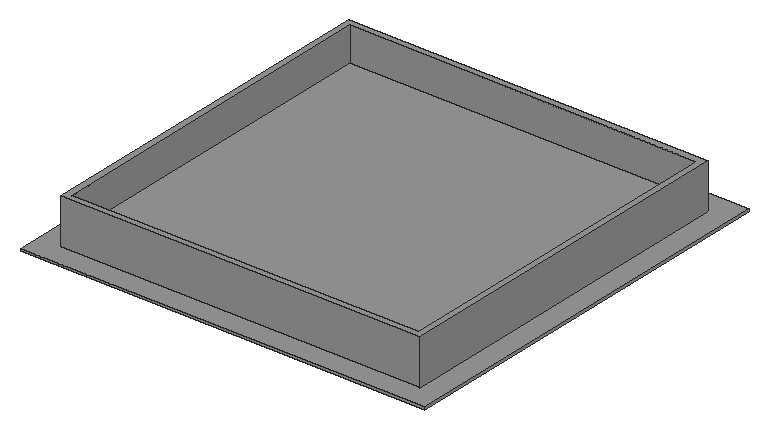
Revit family "Rahmenkassette Schwerlast, blind, RKSL, Nenngröße 250-3, Belastungsklasse 2", category Generic Models, Revit 2015
Parameters (values of type "RK SL2 V2 40")
  Width 1 = 288 mm
  Width = 324 mm
  URL = "http://www.obo-bettermann.com"
  Material = Stainless Steel
  Manufacturer Art.No. = "7405948"
  Manufacturer = "OBO Bettermann"
  Height 1 = 38 mm
  Height = 40 mm
  GTIN = "4012195106029"
  Cut depth = 9 mm
  Article Type = "RK SL2 V2 40"
Types (5, lengths in mm): name | Manufacturer Art.No. | Height 1 | Height | GTIN | Article Type
  (no name) | "7405948" | 38 | 40 | "4012195106029" | "RK SL2 V2 40"
  RK SL2 V2 20 | "7405932" | 18 | 20 | "4012195105961" | "RK SL2 V2 20"
  RK SL2 V2 25 | "7405936" | 23 | 25 | "4012195105992" | "RK SL2 V2 25"
  RK SL2 V2 30 | "7405940" | 28 | 30 | "4012195106005" | "RK SL2 V2 30"
  RK SL2 V2 40 | "7405948" | 38 | 40 | "4012195106029" | "RK SL2 V2 40"
Reference planes
  plane 1 "Center (Front/Back)": y = 0
  plane 2: z = 0
  plane 3 "Center (Left/Right)": x = 0
  plane 4: z = 2
  plane 5: y = 125
  plane 6: y = -125
  plane 7: z = 11
Forms (mm)
  Extrusion 1, solid, material "Stainless Steel" <- "Material"
    sketch origin (0, 0, 0) x (1, 0, 0) y (0, 1, 0)
      loop
        line (-144, 144) -> (-144, -144) -> (144, -144) -> (144, 144) -> (-144, 144)
    from 0 to 38
  Extrusion 2, solid, material "Stainless Steel" <- "Material"
    sketch origin (0, 0, 0) x (1, 0, 0) y (0, 1, 0)
      loop
        line (-162, 162) -> (-162, -162) -> (162, -162) -> (162, 162) -> (-162, 162)
      loop
        line (144, 144) -> (-144, 144) -> (-144, -144) -> (144, -144) -> (144, 144)
    from 0 to 2
  Extrusion 3, void
    sketch origin (0, 0, 0) x (1, 0, 0) y (0, 1, 0)
      loop
        line (-139.1, 139.1) -> (-139.1, -139.1) -> (139.1, -139.1) -> (139.1, 139.1) -> (-139.1, 139.1)
    from 11 to 38
  Extrusion 4, solid, material "Stainless Steel" <- "Material"
    sketch origin (0, 0, 0) x (1, 0, 0) y (0, 0, 1)
      loop
        line (-61, 0) -> (-61, -35) -> (-49, -35) -> (-49, -33) -> (-59, -33) -> (-59, 0) -> (-61, 0)
      loop
        line (59, 0) -> (59, -33) -> (46, -33) -> (46, -35) -> (61, -35) -> (61, 0) -> (59, 0)
    from -125 to 125
  Extrusion 5, void
    sketch origin (0, 0, 0) x (0, 1, 0) y (0, 0, 1)
      loop
        line (125, 0) -> (103, -33) -> (103, -35) -> (125, -35) -> (125, 0)
      loop
        line (-125, 0) -> (-125, -35) -> (-103, -35) -> (-103, -33) -> (-125, 0)
    from -61 to 61
Cuts and joins
  Extrusion 3 cuts Extrusion 1
  Extrusion 5 cuts Extrusion 4
Dimensions and locks
  "Width 1": Extrusion 1 sketch curve to Extrusion 1 sketch curve  (x2)
  equal spacing: Extrusion 1 sketch curve, plane 3 "Center (Left/Right)", Extrusion 1 sketch curve
  equal spacing: Extrusion 1 sketch curve, plane 1 "Center (Front/Back)", Extrusion 1 sketch curve, locked at 144 each
  "Height 1": Extrusion 1 to level
  "Width": Extrusion 2 sketch curve to Extrusion 2 sketch curve  (x2)
  equal spacing: Extrusion 2 sketch curve, plane 3 "Center (Left/Right)", Extrusion 2 sketch curve
  equal spacing: Extrusion 2 sketch curve, plane 1 "Center (Front/Back)", Extrusion 2 sketch curve, locked at 162 each
  locked: plane 4 to level at 2
  locked: Extrusion 3 sketch curve to Extrusion 3 sketch curve at 278.2  (x2)
  equal spacing: Extrusion 3 sketch curve, plane 3 "Center (Left/Right)", Extrusion 3 sketch curve, locked at 139.1 each
  equal spacing: Extrusion 3 sketch curve, plane 1 "Center (Front/Back)", Extrusion 3 sketch curve, locked at 139.1 each
  locked: Extrusion 4 sketch curve to Extrusion 4 sketch curve at 2  (x4)
  locked: Extrusion 2 to Extrusion 4 sketch curve at 35  (x2)
  locked: Extrusion 4 sketch curve to Extrusion 4 sketch curve at 118
  equal spacing: Extrusion 4 sketch curve, plane 3 "Center (Left/Right)", Extrusion 4 sketch curve, locked at 59 each
  locked: plane 5 to plane 6 at 250
  locked: plane 5 to plane 1 "Center (Front/Back)" at 125
  locked: Extrusion 4 to Extrusion 5 sketch curve at 22
  locked: Extrusion 4 to Extrusion 5 sketch curve at 35  (x2)
  locked: Extrusion 4 to Extrusion 5 sketch curve at 2  (x2)
  locked: Extrusion 5 sketch curve to Extrusion 4 at 22
  "Cut depth": plane 7 to plane 4
  aligned and locked: level to plane 2
  aligned and locked: Extrusion 1 to level
  aligned and locked: Extrusion 2 to level
  aligned and locked: plane 4 to Extrusion 2
  aligned and locked: Extrusion 2 sketch curve to Extrusion 1  (x4)
  aligned and locked: Extrusion 1 to Extrusion 3
  aligned and locked: Extrusion 4 to plane 5
  aligned and locked: plane 6 to Extrusion 4
  aligned and locked: Extrusion 5 sketch curve to plane 5
  aligned and locked: plane 6 to Extrusion 5 sketch curve
  aligned and locked: Extrusion 5 to Extrusion 4  (x2)
  aligned and locked: Extrusion 3 to plane 7
Automatic sketch dimensions
  Extrusion 4 sketch curve to level = 0 mm  (x2)
  Extrusion 4 sketch curve to Extrusion 4 sketch curve = 10 mm
  Extrusion 4 sketch curve to Extrusion 4 sketch curve = 13 mm
